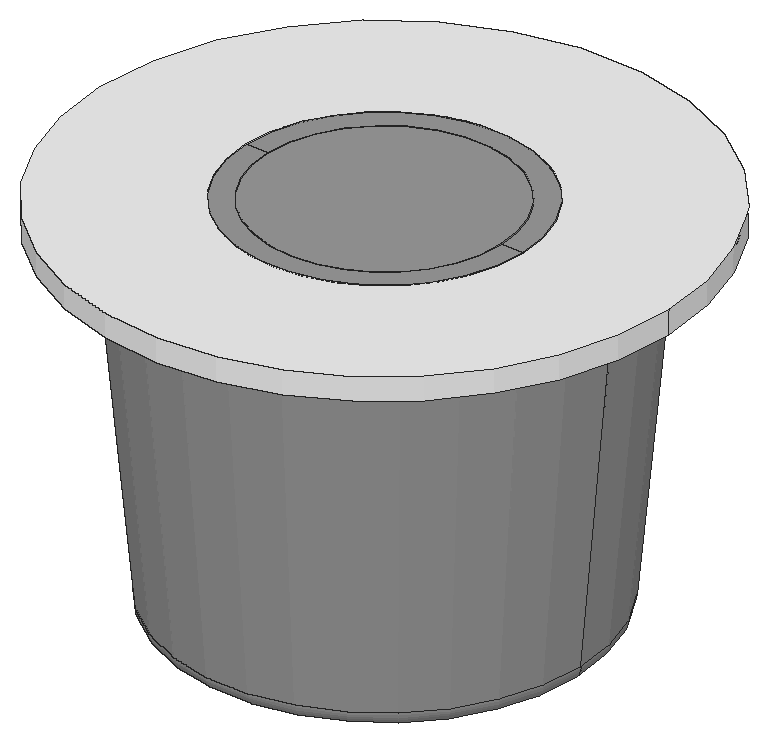
Revit family "3079343 Feilo Sylvania Lighting Fixture INST ECO KIT LED WH 36° NW DIMMABLE", category Lighting Fixtures, host Face, Revit 2017
Family settings
  Host = Face
  Round Connector Dimension = Use Diameter
  Part Type = Normal
  OmniClass Number = 23.80.70.11.17
  OmniClass Title = Specialized Lighting by Location or Use
  Cut with Voids When Loaded = No
  Light Source = Yes
  Shared = No
  Room Calculation Point = No
Parameters (values of type "3079343 INST ECO KIT LED WH 36° NW DIMMABLE")
  Weight = "7.72 kg"
  WarrantyStartDate [instance] = "n/a"
  WarrantyGuarantorParts = "n/a"
  WarrantyDurationUnit = "n/a"
  WarrantyDurationParts = "n/a"
  WarrantyDescription = "n/a"
  Voltage = 230 V
  TypeName = "INST ECO KIT LED WH 36° NW DIMMABLE"
  SerialNumber [instance] = "n/a"
  ReflectorRadius_FEILO = ReflectorDiameter_FEILO / 2  # 19.0 mm
  PowerFactor = 0
  PowerConsumption = "10 W"
  NominalWidth = 0.0 mm
  NominalLength = 78.0 mm
  NominalHeight = 50.0 mm
  Name = "INST ECO KIT LED WH 36° NW DIMMABLE"
  ModelReference = "INST ECO KIT LED WH 36° NW DIMMABLE"
  ModelNumber = "3079343"
  Material_1_FEILO = Steel_Sylvania_Instar Eco Kit LED Fixed SunDim_Silver
  ReflectorDiameter_FEILO = Diameter_FEILO - 40.0 mm  # 38.0 mm
  Radius_FEILO = 39.0 mm
  Material = "aluminium housing, plastic diffuser"
  ManufacturerName = "Feilo Sylvania"
  LuminousEfficacy = "51.5 lm/W"
  LuminaireType = ""
  LightOutputRatio = "100"
  LampsType = Lamp  # "LED"
  LampNominalLuminous = "515 lm"
  LampMacAdamStep = "n/a"
  LampColourTemperature = "4000 K"
  LampColourRenderingIndex = "83"
  Keynote = "16500"
  InstallationDate [instance] = "n/a"
  InputVoltage = "220-240V~"
  InputNominalFrequency = "n/a"
  IngressProtection = "IP44"
  ImpactProtectionIndex = "IK02"
  IfcExportType = "IfcLightFixtureType"
  IfcExportAs = "IfcLightFixtureType"
  HousingRadius_FEILO = ReflectorRadius_FEILO + 12.0 mm  # 31.0 mm
  ExpectedLife = 50000
  ElectricShockClassification = "Class II"
  DurationUnit = "hours"
  DocumentationLiterature = "http://www.sylvania-lighting.com/product/en-int/products/3079343"
  DimmingControlOptions = "Dimmable"
  DiffuserDiameter_FEILO = Diameter_FEILO - 46.0 mm  # 32.0 mm
  Diameter_FEILO = Radius_FEILO * 2  # 78.0 mm
  Wattage = 10 W
  built-in parameter 1150110 = 1 (stored number, unit not read)
  URL = "http://www.sylvania-lighting.com"
  built-in parameter 1114217 = 1 (stored number, unit not read)
  Tilt Angle = -90°
  built-in parameter 1150109 = 1 (stored number, unit not read)
  built-in parameter 1150134 = 12
  built-in parameter 1150113 = 1 (stored number, unit not read)
  Photometric Web File = "3079343.ies"
  Emit from Circle Diameter = DiffuserDiameter_FEILO  # 32.0 mm
  Emit Shape Visible in Rendering = no
  Material_2_FEILO = Polycarbonate_Sylvania_Instar Eco Kit LED Fixed SunDimi_Clear
  CutoutDiameter_FEILO = Diameter_FEILO - 10.0 mm  # 68.0 mm
  CreatedOn = "2/19/2018"
  CreatedBy = ""
  built-in parameter 1114216 [instance] = 1 (stored number, unit not read)
  Model = "INST ECO KIT LED WH 36° NW DIMMABLE"
  Manufacturer = "Feilo Sylvania"  # constant formula
  built-in parameter 1150105 = 981.6 (stored number, unit not read)
  Lumens = 515 lm
  built-in parameter 1150115 = 1 (stored number, unit not read)
  built-in parameter 1150137 = (empty or 0)
  built-in parameter 1150139 = (empty or 0)
  built-in parameter 1150112 = 1 (stored number, unit not read)
  built-in parameter 1150114 = 1 (stored number, unit not read)
  Lamp = "LED"
  built-in parameter 1150132 = 2
  built-in parameter 1150102 = (empty or 0)
  built-in parameter 1150107 = 4000 (stored number, unit not read)
  built-in parameter 1150138 = (empty or 0)
  built-in parameter 1150106 = 9.816 (stored number, unit not read)
  Material_3_FEILO = Steel_Sylvania_Instar Eco Kit LED Fixed SunDim_Silver
  built-in parameter 1150104 = 4.7845 (stored number, unit not read)
  Dimming Lamp Color Temperature Shift = <None>
  Description = "Significant energy savings compared to traditional CFL and 2D fixtures . Excellent flashing provides perfect homogenous light distribution . Unique feature allowing a choice between High Output or High efficiency with the flick of a switch. 50,000 hours life, providing a maintenance free lighting solution . Halo backlight . IP65 fitting resistant to dust and water jet ingress. Tamper resistant locking feature . Ceiling or wall mounted . Integral emergency options suitable for use on defined escape routes. Low profile fitting . Choice of White and Brushed Aluminium trim finishes. Option to add microwave sensor for maximum energy savings"  # constant formula
  Default Elevation = 0.0 mm
  Color Filter = 16777215
  built-in parameter 1140040 [instance] = 1
  BarCode [instance] = "n/a"
  built-in parameter 1114218 = 1 (stored number, unit not read)
  built-in parameter 1150133 = 10 (stored number, unit not read)
  AssetType = "Fixed"
  AssetIdentifier [instance] = "n/a"
  Assembly Code = "D5020200"
  Apparent Load = 10 VA
  Material_4_FEILO = Aluminum_Sylvania_Instar Eco Kit LED Fixed SunDim_White
Reference planes
  plane 1 "Center (Front/Back)": y = 0
  plane 2: z = 0
  plane 3 "Center (Left/Right)": x = 0
  plane 4 "Fixture Bottom": z = 3
  plane 5 "Reflector Top": z = -17.5
  plane 6 "Fixture Top": z = -47
  plane 7: z = -3.024
Forms (mm)
  Extrusion 1, solid, material "Aluminum_Sylvania_Instar Eco Kit LED Fixed SunDim_White" <- "Material_4_FEILO", detail levels fine
    sketch origin (0, 0, 59) x (-1, 0, 0) y (0, -1, 0)
      loop
        circle (0, 0) r 39
      loop
        circle (0, 0) r 19
    from -59 to -56
  Revolve 2, solid, material "Steel_Sylvania_Instar Eco Kit LED Fixed SunDim_Silver" <- "Material_1_FEILO", detail levels fine
    sketch origin (0, 0, 0) x (1, 0, 0) y (0, 0, 1)
      loop
        line (-19, 3) -> (-19, -1) -> (-16, -1)
        arc (-16, -1) -> (-13.541, -10.449) -> (-6.787, -17.5) r 19.382
        line (-6.787, -17.5) -> (0, -17.5) -> (0, -16.5) -> (-6.5, -16.5)
        arc (-6.5, -16.5) -> (-12.736, -9.839) -> (-15, -1) r 18.382
        line (-15, -1) -> (-15, 0) -> (-16, 0) -> (-16, 3) -> (-19, 3)
      axis (0, 3) -> (0, -17.5)
    angle from 0 to 360
  Extrusion 3, solid, material "Polycarbonate_Sylvania_Instar Eco Kit LED Fixed SunDimi_Clear" <- "Material_2_FEILO", detail levels fine
    sketch origin (0, 0, 59) x (-1, 0, 0) y (0, -1, 0)
      loop
        circle (0, 0) r 16
    from -59 to -56
  Revolve 4, solid, material "Steel_Sylvania_Instar Eco Kit LED Fixed SunDim_Silver" <- "Material_3_FEILO", detail levels fine
    sketch origin (0, 0, 0) x (1, 0, 0) y (0, 0, 1)
      loop
        line (-31, -3.024) -> (-27, -45)
        arc (-27, -45) -> (-26.414, -46.414) -> (-25, -47) r 2
        line (-25, -47) -> (0, -47) -> (0, -45) -> (-24.991, -45) -> (-29, -2.929) -> (-29, 0) -> (-31, 0) -> (-31, -3.024)
      axis (0, 0) -> (0, -47)
    angle from 0 to 360
  Extrusion 5, void
    sketch origin (0, 0, 59) x (-1, 0, 0) y (0, -1, 0)
      loop
        circle (0, 0) r 34
    from -106 to -56
  Revolve 6, solid, material "Aluminum_Sylvania_Instar Eco Kit LED Fixed SunDim_White" <- "Material_4_FEILO", detail levels coarse+medium
    sketch origin (0, 0, 0) x (1, 0, 0) y (0, 0, 1)
      loop
        line (-31, -3.024) -> (-26.809, -47) -> (0, -47) -> (0, 3) -> (-39, 3) -> (-39, 0) -> (-31, 0) -> (-31, -3.024)
      axis (0, 3) -> (0, -47)
    angle from 0 to 360
Dimensions and locks
  plane 4 "Fixture Bottom" to plane 2 to plane 7 to plane 5 "Reflector Top" = 3.0 mm locked, 3.024 mm locked, 14.476 mm locked
  "ReflectorRadius_FEILO": plane 3 "Center (Left/Right)" to Revolve 2 sketch curve
  Revolve 2 sketch curve to Revolve 2 sketch curve to Revolve 2 sketch curve to Revolve 2 sketch curve = 3.0 mm locked, 1.0 mm locked, 8.5 mm locked
  locked: plane 4 "Fixture Bottom" to Revolve 2 sketch curve at 4
  locked: Revolve 2 sketch curve to Revolve 2 sketch curve at 1
  locked: Revolve 2 sketch curve to plane 5 "Reflector Top" at 1
  plane 4 "Fixture Bottom" to plane 6 "Fixture Top" = 50.0 mm
  "HousingRadius_FEILO": plane 3 "Center (Left/Right)" to Revolve 4 sketch curve
  locked: Revolve 4 sketch curve to Revolve 4 sketch curve at 4
  locked: Revolve 4 sketch curve to Revolve 4 sketch curve at 6
  locked: Revolve 4 sketch curve to Revolve 4 sketch curve at 2  (x2)
  locked: Revolve 4 sketch curve to plane 6 "Fixture Top" at 2
  "Radius_FEILO": plane 3 "Center (Left/Right)" to Revolve 6 sketch curve
  Revolve 6 sketch curve to Revolve 6 sketch curve to Revolve 6 sketch curve = 4.191 mm locked, 8.0 mm locked
  "Diameter_FEILO": diameter of Extrusion 1 sketch curve
  "ReflectorDiameter_FEILO": diameter of Extrusion 1 sketch curve
  "DiffuserDiameter_FEILO": diameter of Extrusion 3 sketch curve
  "CutoutDiameter_FEILO": diameter of Extrusion 5 sketch curve
  aligned and locked: plane 2 to host face
  aligned and locked: level to host face
  aligned and locked: Extrusion 1 to plane 2
  aligned and locked: plane 4 "Fixture Bottom" to Extrusion 1
  aligned and locked: Extrusion 1 to Revolve 2 sketch curve
  aligned and locked: Revolve 2 sketch curve to plane 5 "Reflector Top"
  aligned and locked: Revolve 2 sketch curve to plane 3 "Center (Left/Right)"
  aligned and locked: Revolve 2 sketch curve to Revolve 2 sketch curve
  aligned and locked: Extrusion 3 to plane 2
  aligned and locked: plane 4 "Fixture Bottom" to Extrusion 3
  aligned and locked: Revolve 4 sketch curve to plane 2
  aligned and locked: Revolve 4 sketch curve to plane 3 "Center (Left/Right)"  (x2)
  aligned and locked: plane 6 "Fixture Top" to Extrusion 5
  aligned and locked: plane 4 "Fixture Bottom" to Extrusion 5
  aligned and locked: Revolve 6 sketch curve to plane 4 "Fixture Bottom"
  aligned and locked: Revolve 6 sketch curve to plane 2
  aligned and locked: Revolve 6 sketch curve to plane 6 "Fixture Top"
  aligned and locked: plane 1 "Center (Front/Back)" to imposter light
  aligned and locked: plane 3 "Center (Left/Right)" to imposter light
  aligned and locked: imposter light to plane 4 "Fixture Bottom"
Automatic sketch dimensions
  host sketch curve to host sketch curve = 1525.184 mm
  host sketch curve to host sketch curve = 1539.302 mm
  Extrusion 1 sketch curve to Extrusion 1 sketch curve = 0.0 mm  (x2)
  plane 1 "Center (Front/Back)" to Extrusion 1 sketch curve = 0.0 mm
  Extrusion 1 sketch curve to plane 3 "Center (Left/Right)" = 0.0 mm
  Revolve 2 sketch curve to Revolve 2 sketch curve = 0.0 mm  (x2)
  Revolve 2 sketch curve to plane 3 "Center (Left/Right)" = 0.0 mm
  Revolve 2 sketch curve to level = 0.0 mm
  plane 6 "Fixture Top" to Revolve 2 sketch curve = 306.274 mm
  plane 4 "Fixture Bottom" to Revolve 2 sketch curve = 426.738 mm
  plane 1 "Center (Front/Back)" to Extrusion 3 sketch curve = 0.0 mm
  Extrusion 3 sketch curve to plane 3 "Center (Left/Right)" = 0.0 mm
  Revolve 4 sketch curve to plane 6 "Fixture Top" = 0.0 mm
  Revolve 4 sketch curve to plane 7 = 0.0 mm
  plane 6 "Fixture Top" to Revolve 4 sketch curve = 325.274 mm
  plane 4 "Fixture Bottom" to Revolve 4 sketch curve = 446.738 mm
  plane 1 "Center (Front/Back)" to Extrusion 5 sketch curve = 0.0 mm
  Extrusion 5 sketch curve to plane 3 "Center (Left/Right)" = 0.0 mm
  Revolve 6 sketch curve to plane 3 "Center (Left/Right)" = 0.0 mm  (x2)
  Revolve 6 sketch curve to plane 7 = 0.0 mm
  Revolve 6 sketch curve to plane 4 "Fixture Bottom" = 0.0 mm
  plane 6 "Fixture Top" to Revolve 6 sketch curve = 325.274 mm
Connectors
  electrical at (0, 0, -47), driven by "Apparent Load", driven by "Voltage", driven by "PowerFactor"
    settings: on Revolve 6, index 1, voltage 230 V, apparent load 0 VA, apparent load phase1 10 VA, apparent load phase2 0 VA, apparent load phase3 0 VA, power factor 0, load classification "Lighting", number of poles 1, system type 31, power factor state 1, is connector primary yes, connector utility no, sub classification motor no, connector description ""
